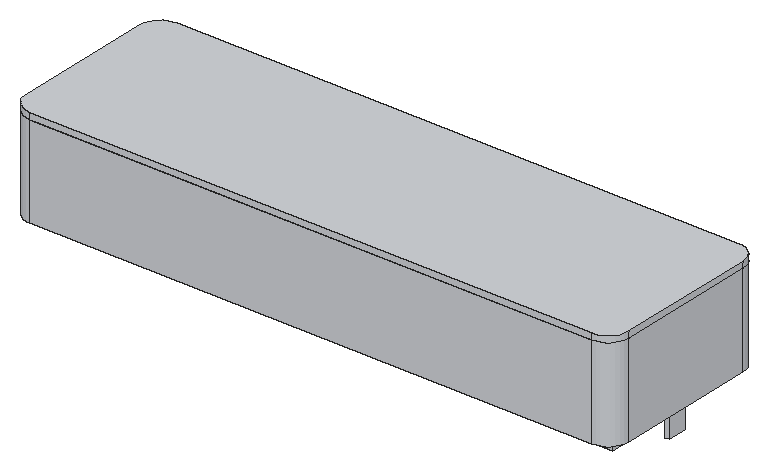
Revit family "Gira_289300", category Electrical Fixtures, host Face, Revit 2017
Family settings
  Host = Face
  Maintain Annotation Orientation = No
  Round Connector Dimension = Use Diameter
  Part Type = Normal
  Cut with Voids When Loaded = No
  Shared = No
  Room Calculation Point = No
Parameters (values of type "UP-EB-Dose 3f Gira E22")
  URL = "http://katalog.gira.de/de_DE/datenblatt.html?artikelnr=289300"
  Region = "DE"
  Name = "UP-EB-Dose 3f Gira E22"
  Manufacturer URL = "https://www.gira.de/"
  Keynote = "UP-EB-Dose_4fach"
  HeinzeBIM = "https://bimportal.heinze.de/bim/up-eb-dose-3f-gira-e22/7c883265d358cf5b8be7786179ede91b1862c5ac"
  HAN = "289300"
  GTIN = "4010337049807"
  Default Elevation = 1219.2 mm
  Data sheet (1) = "https://katalog.gira.de/de_DE/download.html?artikelnr=289300"
  Category = "Ersatzteil für Installationsschalterprogramme"
  Available = "Yes"
Reference planes
  plane 1 "Center (Front/Back)": y = 0
  plane 2: z = 0
  plane 3 "Center (Left/Right)": x = 0
Forms (mm)
  Extrusion 1, solid, detail levels fine
    sketch origin (0, 0, 0) x (1, 0, 0) y (0, 1, 0)
      loop
        arc (-142, 46.25) -> (-149.248, 43.248) -> (-152.25, 36) r 10.25
        line (-152.25, 36) -> (-152.25, -36)
        arc (-152.25, -36) -> (-149.248, -43.248) -> (-142, -46.25) r 10.25
        line (-142, -46.25) -> (142, -46.25)
        arc (142, -46.25) -> (149.248, -43.248) -> (152.25, -36) r 10.25
        line (152.25, -36) -> (152.25, 36)
        arc (152.25, 36) -> (149.248, 43.248) -> (142, 46.25) r 10.25
        line (142, 46.25) -> (-142, 46.25)
    from 47 to 50
  Extrusion 2, solid, detail levels fine
    sketch origin (0, 0, 0) x (1, 0, 0) y (0, 1, 0)
      loop
        arc (-142, 46.25) -> (-149.248, 43.248) -> (-152.25, 36) r 10.25
        line (-152.25, 36) -> (-152.25, -36)
        arc (-152.25, -36) -> (-149.248, -43.248) -> (-142, -46.25) r 10.25
        line (-142, -46.25) -> (142, -46.25)
        arc (142, -46.25) -> (149.248, -43.248) -> (152.25, -36) r 10.25
        line (152.25, -36) -> (152.25, 36)
        arc (152.25, 36) -> (149.248, 43.248) -> (142, 46.25) r 10.25
        line (142, 46.25) -> (-142, 46.25)
      loop
        arc (-150.75, -36) -> (-149.959, -39.636) -> (-147.727, -42.615) r 8.75
        line (-147.727, -42.615) -> (147.727, -42.615)
        arc (147.727, -42.615) -> (149.959, -39.636) -> (150.75, -36) r 8.75
        line (150.75, -36) -> (150.75, 36)
        arc (150.75, 36) -> (149.959, 39.636) -> (147.727, 42.615) r 8.75
        line (147.727, 42.615) -> (-147.727, 42.615)
        arc (-147.727, 42.615) -> (-149.959, 39.636) -> (-150.75, 36) r 8.75
        line (-150.75, 36) -> (-150.75, -36)
    from 0 to 47
  Extrusion 3, solid, detail levels fine
    sketch origin (0, 0, 0) x (1, 0, 0) y (0, 1, 0)
      loop
        line (-147, -39.766) -> (147, -39.766) -> (147, 39.75) -> (-147, 39.75) -> (-147, -39.766)
      loop
        line (144.5, -37.75) -> (144.5, 37.75) -> (-144.5, 37.75) -> (-144.5, -37.75) -> (144.5, -37.75)
    from -4.1 to 0
  Extrusion 4, solid, detail levels fine
    sketch origin (0, 0, 0) x (1, 0, 0) y (0, 1, 0)
      loop
        line (147, 39.75) -> (-147, 39.75) -> (-147, -39.766) -> (147, -39.766) -> (147, 39.75)
      loop
        arc (147.727, -42.615) -> (149.959, -39.636) -> (150.75, -36) r 8.75
        line (150.75, -36) -> (150.75, 36)
        arc (150.75, 36) -> (149.959, 39.636) -> (147.727, 42.615) r 8.75
        line (147.727, 42.615) -> (-147.727, 42.615)
        arc (-147.727, 42.615) -> (-149.959, 39.636) -> (-150.75, 36) r 8.75
        line (-150.75, 36) -> (-150.75, -36)
        arc (-150.75, -36) -> (-149.959, -39.636) -> (-147.727, -42.615) r 8.75
        line (-147.727, -42.615) -> (147.727, -42.615)
    from 0 to 2
  Extrusion 5, solid, detail levels medium+fine
    sketch origin (0, 0, 0) x (1, 0, 0) y (0, 1, 0)
      loop
        line (145.5, -4.939) -> (148, -4.939) -> (148, 4.939) -> (145.5, 4.939) -> (145.5, -4.939)
      loop
        line (-145.5, -4.939) -> (-145.5, 4.939) -> (-148, 4.939) -> (-148, -4.939) -> (-145.5, -4.939)
    from -14.039 to 0
  Extrusion 6, solid, detail levels medium
    sketch origin (0, 0, 0) x (1, 0, 0) y (0, 1, 0)
      loop
        line (-152.25, 46.25) -> (-152.25, -46.25) -> (152.25, -46.25) -> (152.25, 46.25) -> (-152.25, 46.25)
    from 0 to 50
  Extrusion 7, solid, detail levels medium
    sketch origin (0, 0, 0) x (1, 0, 0) y (0, 1, 0)
      loop
        line (-147, -39.766) -> (147, -39.766) -> (147, 39.75) -> (-147, 39.75) -> (-147, -39.766)
    from -4.1 to 0
  Extrusion 8, solid, detail levels coarse
    sketch origin (0, 0, 0) x (1, 0, 0) y (0, 1, 0)
      loop
        line (-152.25, 46.25) -> (-152.25, -46.25) -> (152.25, -46.25) -> (152.25, 46.25) -> (-152.25, 46.25)
    from -14.039 to 50
Dimensions and locks
  aligned and locked: plane 2 to host face
  aligned and locked: level to host face
